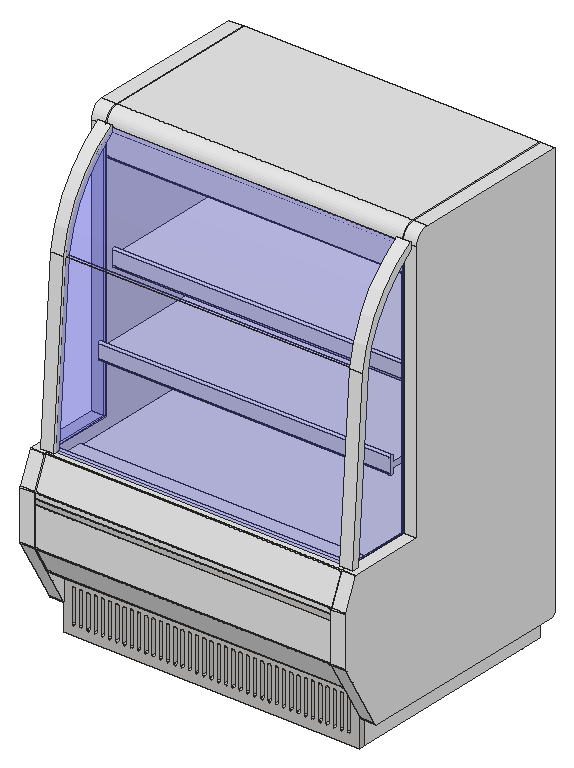
Revit family "qf_turbo_air_tcdd-36H-B_W-N", category Specialty Equipment, Revit 2018
Family settings
  Round Connector Dimension = Use Diameter
  Part Type = Normal
  OmniClass Number = 23.40.40.11.17
  OmniClass Title = Refrigerated Cases
  Work Plane-Based = No
  Always vertical = Yes
  Cut with Voids When Loaded = No
  Shared = No
  Room Calculation Point = No
Parameters (values of type "TCDD36H-W-N")
  Weight in Pounds = 496
  Watts [instance] = 805 W
  Watermarked By = ""
  Warranty Start Date = ""
  Warranty Duration [instance] = "Two years parts & labor, additional 3 years compressor parts warranty."
  Volts = 115 V
  Ventilation Remarks = "Unit is designed to type I specifications and should not be placed near a vent or doorway."
  Vent Material = QF_Stainless-Polished
  URL Recommended Spares List = "http://www.turboairinc.com/index.php/lanotattachments/download/file/id/3401/store/1/tcdd_2.pdf"
  URL Cutsheet = "http://www.turboairinc.com/index.php/lanotattachments/download/file/id/5330/store/1/tcdd-36h-w_b_-n_1.pdf"
  URL Critical Spares List = ""
  URL = "www.turboairinc.com"
  Type Comments = "Automatic condenser coil cleaning system standard"
  Status [instance] = ""
  Specification by User [instance] = ""
  Specification by Manufacturer [instance] = ""
  Service Life Duration = ""
  Serial Number [instance] = ""
  Seismic Rating = ""
  Revision Code [instance] = ""
  Production Year = ""
  Plumbing Remarks = "No drain is required."
  Planning Responsibility = ""
  Planning New/Existing/Lease = ""
  Phase = 1
  Number of Poles [instance] = 1
  NAFEM Spec ID Number [instance] = ""
  Model = "TCDD-36H-W-N"
  Mechanical Remarks = ""
  Masterspec [instance] = ""
  Manufacturer = "Turbo Air"  # constant formula
  Length = 3' - 0 1/2"
  LEED EA Credit = "V4.1 EA credits are based on 50% GHG, 50% utility cost. See WATTS."
  Item Number [instance] = "-"
  Installed By [instance] = ""
  Height = 4' - 2 1/8"
  HP = "1/3"
  Furnished By [instance] = ""
  Foodservice Equipment Identifier = yes
  FL Amps = 7 A
  Exterior Material = QF_Plastic-Opaque-White
  Electrical Remarks [instance] = ""
  Electric Connection Type [instance] = ""
  Elec Conn RI Height [instance] = 0' - 0"
  Elec Conn Connection Height = 0' - 6"
  Description = "Bakery/Deli Case, Open Air"
  Depth = 2' - 6"
  Cycle = 60 Hz
  Conn Plug = "NEMA 5-15P"
  CSI MasterFormat = "11 41 13"
  CE Approved = yes
  Barcode = 0
  BTUH = 0.0 Btu/h
  Asset Identifier = ""
  Assembly Code = "E1090320"
  Apparent Power = if(Phase = 3, Volts * FL Amps * 1.73, Volts * FL Amps)  # 805 VA
Types (3): name | Model | Exterior Material
  (no name) | "TCDD-36H-W-N" | QF_Plastic-Opaque-White
  TCDD-36H-B-N | "TCDD-36H-B-N" | QF_Plastic-Black-Fine Textured
  TCDD36H-W-N | "TCDD-36H-W-N" | QF_Plastic-Opaque-White
Reference planes (in)
  plane 1 "Handle Back": y = -4.25
  plane 2: z = 0
  plane 3 "LEFT": x = -16.56573
  plane 4 "RIGHT": x = 19.93427
  plane 5 "FRONT": y = -34.25
  plane 6 "Bottom": z = 0.3125
  plane 7 "Inside Left": x = -14.94073
  plane 8 "Inside Right": x = 18.30927
  plane 9 "BACK": y = -5
  plane 10 "Panel Lower": z = 19.375
  plane 11 "Inside Bottom": z = 17.25
  plane 12 "TOP": z = 50.125
  plane 13 "Door Left": x = -13.62823
  plane 14 "Door Right": x = 16.99677
  plane 15 "Lower Shelf": z = 26.8125
  plane 16 "Upper Shelf": z = 35.3125
  plane 17 "Door Top": z = 46.5625
  plane 18 "Door Bottom": z = 18.4375
  plane 19 "CENTER LR": x = 1.68427
  plane 20 "Panel Bottom": z = 3.125
  plane 21 "Bottom Front": y = -29.625
Forms (in)
  Extrusion 1, solid, material "QF_Plastic-Opaque-White" <- "Exterior Material"
    sketch origin (-16.56573, 0, 0) x (0, 1, 0) y (0, 0, 1)
      loop
        line (-5, 3.5) -> (-5, 50.125) -> (-22.75, 50.125)
        arc (-22.75, 50.125) -> (-23.81066, 49.68566) -> (-24.25, 48.625) r 1.5
        line (-24.25, 48.625) -> (-24.25, 19.375) -> (-32.77179, 19.375)
        arc (-32.77179, 19.375) -> (-32.8059, 19.36487) -> (-32.82896, 19.33777) r 0.0625
        line (-32.82896, 19.33777) -> (-34.21799, 16.19501)
        arc (-34.21799, 16.19501) -> (-34.24191, 16.12089) -> (-34.25, 16.04342) r 0.375
        line (-34.25, 16.04342) -> (-34.25, 10.5867)
        arc (-34.25, 10.5867) -> (-34.23722, 10.48964) -> (-34.19976, 10.3992) r 0.375
        line (-34.19976, 10.3992) -> (-30.10825, 3.3125)
        arc (-30.10825, 3.3125) -> (-29.97099, 3.17524) -> (-29.78349, 3.125) r 0.375
        line (-29.78349, 3.125) -> (-5.375, 3.125)
        arc (-5.375, 3.125) -> (-5.10983, 3.23483) -> (-5, 3.5) r 0.375
    from 0 to 1.625
  Extrusion 2, solid, material "QF_Plastic-Opaque-White" <- "Exterior Material"
    sketch origin (19.93427, 0, 0) x (0, 1, 0) y (0, 0, 1)
      loop
        line (-5, 3.5) -> (-5, 50.125) -> (-22.75, 50.125)
        arc (-22.75, 50.125) -> (-23.81066, 49.68566) -> (-24.25, 48.625) r 1.5
        line (-24.25, 48.625) -> (-24.25, 19.375) -> (-32.77179, 19.375)
        arc (-32.77179, 19.375) -> (-32.8059, 19.36487) -> (-32.82896, 19.33777) r 0.0625
        line (-32.82896, 19.33777) -> (-34.21799, 16.19501)
        arc (-34.21799, 16.19501) -> (-34.24191, 16.12089) -> (-34.25, 16.04342) r 0.375
        line (-34.25, 16.04342) -> (-34.25, 10.5867)
        arc (-34.25, 10.5867) -> (-34.23722, 10.48964) -> (-34.19976, 10.3992) r 0.375
        line (-34.19976, 10.3992) -> (-30.10825, 3.3125)
        arc (-30.10825, 3.3125) -> (-29.97099, 3.17524) -> (-29.78349, 3.125) r 0.375
        line (-29.78349, 3.125) -> (-5.375, 3.125)
        arc (-5.375, 3.125) -> (-5.10983, 3.23483) -> (-5, 3.5) r 0.375
    from 0 to -1.625
  Extrusion 3, solid, material "QF_Plastic-Opaque-White" <- "Exterior Material"
    sketch origin (-14.94073, 0, 0) x (0, 1, 0) y (0, 0, 1)
      loop
        line (-31.625, 19.375) -> (-30.23314, 38.44929)
        arc (-30.23314, 38.44929) -> (-28.27705, 43.90036) -> (-24.25, 48.0625) r 13.75
        line (-24.25, 48.0625) -> (-24.25, 48.625)
        arc (-24.25, 48.625) -> (-24.24379, 48.76132) -> (-24.22522, 48.89651) r 1.5
        arc (-24.22522, 48.89651) -> (-28.73663, 44.45952) -> (-30.91735, 38.51948) r 14.4375
        line (-30.91735, 38.51948) -> (-32.31433, 19.375) -> (-31.625, 19.375)
    from -0.875 to 0.625
  Extrusion 4, solid, material "QF_Plastic-Opaque-White" <- "Exterior Material"
    sketch origin (18.30927, 0, 0) x (0, 1, 0) y (0, 0, 1)
      loop
        arc (-30.23314, 38.44929) -> (-28.27705, 43.90036) -> (-24.25, 48.0625) r 13.75
        line (-24.25, 48.0625) -> (-24.25, 48.625)
        arc (-24.25, 48.625) -> (-24.24379, 48.76132) -> (-24.22522, 48.89651) r 1.5
        arc (-24.22522, 48.89651) -> (-28.73663, 44.45952) -> (-30.91735, 38.51948) r 14.4375
        line (-30.91735, 38.51948) -> (-32.31433, 19.375) -> (-31.625, 19.375) -> (-30.23314, 38.44929)
    from 0.875 to -0.625
  Extrusion 5, solid, material "QF_Glass-Cast-Clear"
    sketch origin (-14.94073, 0, 0) x (0, 1, 0) y (0, 0, 1)
      loop
        arc (-24.25, 48.0625) -> (-28.27705, 43.90036) -> (-30.23314, 38.44929) r 13.75
        line (-30.23314, 38.44929) -> (-31.625, 19.375) -> (-24.25, 19.375) -> (-24.25, 48.0625)
    from 0 to -0.25
  Extrusion 6, solid, material "QF_Glass-Cast-Clear"
    sketch origin (18.30927, 0, 0) x (0, 1, 0) y (0, 0, 1)
      loop
        arc (-24.25, 48.0625) -> (-28.27705, 43.90036) -> (-30.23314, 38.44929) r 13.75
        line (-30.23314, 38.44929) -> (-31.625, 19.375) -> (-24.25, 19.375) -> (-24.25, 48.0625)
    from 0 to 0.25
  Extrusion 7, solid, material "QF_Plastic-Opaque-White" <- "Exterior Material"
    sketch origin (-14.94073, 0, 0) x (0, 1, 0) y (0, 0, 1)
      loop
        line (-5, 50.125) -> (-22.75, 50.125)
        arc (-22.75, 50.125) -> (-23.81066, 49.68566) -> (-24.25, 48.625) r 1.5
        line (-24.25, 48.625) -> (-24.25, 45.5)
        arc (-24.25, 45.5) -> (-24.1875, 45.4375) -> (-24.125, 45.5) r 0.0625
        line (-24.125, 45.5) -> (-24.125, 48.625)
        arc (-24.125, 48.625) -> (-24.06819, 49.01616) -> (-23.90244, 49.375) r 1.375
        line (-23.90244, 49.375) -> (-7.375, 49.375) -> (-7.375, 46.5625) -> (-5, 46.5625) -> (-5, 50.125)
      loop
        line (-5, 10.4375) -> (-5, 18.4375) -> (-7.375, 18.4375) -> (-7.375, 10.4375) -> (-5, 10.4375)
    from 0 to 33.25
  Extrusion 8, solid, material "QF_Plastic-Opaque-White" <- "Exterior Material"
    sketch origin (0, 0, 0.3125) x (0, 1, 0) y (-1, 0, 0)
      loop
        line (-5, 14.94073) -> (-29.625, 14.94073) -> (-29.625, -18.30927) -> (-5, -18.30927) -> (-5, 14.94073)
      loop
        line (-29.375, 14.69073) -> (-29.375, -18.05927) -> (-5.25, -18.05927) -> (-5.25, 14.69073) -> (-29.375, 14.69073)
    from 0 to 14
  Extrusion 9, solid, material "QF_Plastic-Opaque-White" <- "Exterior Material"
    sketch origin (0, 0, 0.3125) x (0, 1, 0) y (-1, 0, 0)
      loop
        line (-29.375, -18.05927) -> (-5.25, -18.05927) -> (-5.25, 14.69073) -> (-29.375, 14.69073) -> (-29.375, -18.05927)
    from 0 to 0.25
  Extrusion 10, solid, material "QF_Stainless-Polished" <- "Vent Material"
    sketch origin (0, -29.625, 0) x (1, 0, 0) y (0, 0, 1)
      loop
        line (-14.94073, 8.5625) -> (-14.94073, 0.3125) -> (18.30927, 0.3125) -> (18.30927, 8.5625) -> (-14.94073, 8.5625)
    from 0 to 0.5625
  Extrusion 11, void
    sketch origin (0, -29.625, 0) x (1, 0, 0) y (0, 0, 1)
      loop
        arc (-13.94073, 1.5625) -> (-13.75323, 1.375) -> (-13.56573, 1.5625) r 0.1875
        line (-13.56573, 1.5625) -> (-13.56573, 5.125)
        arc (-13.56573, 5.125) -> (-13.75323, 5.3125) -> (-13.94073, 5.125) r 0.1875
        line (-13.94073, 5.125) -> (-13.94073, 1.5625)
      loop
        arc (-13.12823, 1.5625) -> (-12.94073, 1.375) -> (-12.75323, 1.5625) r 0.1875
        line (-12.75323, 1.5625) -> (-12.75323, 5.125)
        arc (-12.75323, 5.125) -> (-12.94073, 5.3125) -> (-13.12823, 5.125) r 0.1875
        line (-13.12823, 5.125) -> (-13.12823, 1.5625)
      loop
        arc (-12.31573, 1.5625) -> (-12.12823, 1.375) -> (-11.94073, 1.5625) r 0.1875
        line (-11.94073, 1.5625) -> (-11.94073, 5.125)
        arc (-11.94073, 5.125) -> (-12.12823, 5.3125) -> (-12.31573, 5.125) r 0.1875
        line (-12.31573, 5.125) -> (-12.31573, 1.5625)
      loop
        arc (-11.50323, 1.5625) -> (-11.31573, 1.375) -> (-11.12823, 1.5625) r 0.1875
        line (-11.12823, 1.5625) -> (-11.12823, 5.125)
        arc (-11.12823, 5.125) -> (-11.31573, 5.3125) -> (-11.50323, 5.125) r 0.1875
        line (-11.50323, 5.125) -> (-11.50323, 1.5625)
      loop
        arc (-10.69073, 1.5625) -> (-10.50323, 1.375) -> (-10.31573, 1.5625) r 0.1875
        line (-10.31573, 1.5625) -> (-10.31573, 5.125)
        arc (-10.31573, 5.125) -> (-10.50323, 5.3125) -> (-10.69073, 5.125) r 0.1875
        line (-10.69073, 5.125) -> (-10.69073, 1.5625)
      loop
        arc (-9.87823, 1.5625) -> (-9.69073, 1.375) -> (-9.50323, 1.5625) r 0.1875
        line (-9.50323, 1.5625) -> (-9.50323, 5.125)
        arc (-9.50323, 5.125) -> (-9.69073, 5.3125) -> (-9.87823, 5.125) r 0.1875
        line (-9.87823, 5.125) -> (-9.87823, 1.5625)
      loop
        arc (-9.06573, 1.5625) -> (-8.87823, 1.375) -> (-8.69073, 1.5625) r 0.1875
        line (-8.69073, 1.5625) -> (-8.69073, 5.125)
        arc (-8.69073, 5.125) -> (-8.87823, 5.3125) -> (-9.06573, 5.125) r 0.1875
        line (-9.06573, 5.125) -> (-9.06573, 1.5625)
      loop
        arc (-8.25323, 1.5625) -> (-8.06573, 1.375) -> (-7.87823, 1.5625) r 0.1875
        line (-7.87823, 1.5625) -> (-7.87823, 5.125)
        arc (-7.87823, 5.125) -> (-8.06573, 5.3125) -> (-8.25323, 5.125) r 0.1875
        line (-8.25323, 5.125) -> (-8.25323, 1.5625)
      loop
        arc (-7.44073, 1.5625) -> (-7.25323, 1.375) -> (-7.06573, 1.5625) r 0.1875
        line (-7.06573, 1.5625) -> (-7.06573, 5.125)
        arc (-7.06573, 5.125) -> (-7.25323, 5.3125) -> (-7.44073, 5.125) r 0.1875
        line (-7.44073, 5.125) -> (-7.44073, 1.5625)
      loop
        arc (-6.62823, 1.5625) -> (-6.44073, 1.375) -> (-6.25323, 1.5625) r 0.1875
        line (-6.25323, 1.5625) -> (-6.25323, 5.125)
        arc (-6.25323, 5.125) -> (-6.44073, 5.3125) -> (-6.62823, 5.125) r 0.1875
        line (-6.62823, 5.125) -> (-6.62823, 1.5625)
      loop
        arc (-5.81573, 1.5625) -> (-5.62823, 1.375) -> (-5.44073, 1.5625) r 0.1875
        line (-5.44073, 1.5625) -> (-5.44073, 5.125)
        arc (-5.44073, 5.125) -> (-5.62823, 5.3125) -> (-5.81573, 5.125) r 0.1875
        line (-5.81573, 5.125) -> (-5.81573, 1.5625)
      loop
        arc (-5.00323, 1.5625) -> (-4.81573, 1.375) -> (-4.62823, 1.5625) r 0.1875
        line (-4.62823, 1.5625) -> (-4.62823, 5.125)
        arc (-4.62823, 5.125) -> (-4.81573, 5.3125) -> (-5.00323, 5.125) r 0.1875
        line (-5.00323, 5.125) -> (-5.00323, 1.5625)
      loop
        arc (-4.19073, 1.5625) -> (-4.00323, 1.375) -> (-3.81573, 1.5625) r 0.1875
        line (-3.81573, 1.5625) -> (-3.81573, 5.125)
        arc (-3.81573, 5.125) -> (-4.00323, 5.3125) -> (-4.19073, 5.125) r 0.1875
        line (-4.19073, 5.125) -> (-4.19073, 1.5625)
      loop
        arc (-3.37823, 1.5625) -> (-3.19073, 1.375) -> (-3.00323, 1.5625) r 0.1875
        line (-3.00323, 1.5625) -> (-3.00323, 5.125)
        arc (-3.00323, 5.125) -> (-3.19073, 5.3125) -> (-3.37823, 5.125) r 0.1875
        line (-3.37823, 5.125) -> (-3.37823, 1.5625)
      loop
        arc (-2.56573, 1.5625) -> (-2.37823, 1.375) -> (-2.19073, 1.5625) r 0.1875
        line (-2.19073, 1.5625) -> (-2.19073, 5.125)
        arc (-2.19073, 5.125) -> (-2.37823, 5.3125) -> (-2.56573, 5.125) r 0.1875
        line (-2.56573, 5.125) -> (-2.56573, 1.5625)
      loop
        arc (-1.75323, 1.5625) -> (-1.56573, 1.375) -> (-1.37823, 1.5625) r 0.1875
        line (-1.37823, 1.5625) -> (-1.37823, 5.125)
        arc (-1.37823, 5.125) -> (-1.56573, 5.3125) -> (-1.75323, 5.125) r 0.1875
        line (-1.75323, 5.125) -> (-1.75323, 1.5625)
      loop
        arc (-0.94073, 1.5625) -> (-0.75323, 1.375) -> (-0.56573, 1.5625) r 0.1875
        line (-0.56573, 1.5625) -> (-0.56573, 5.125)
        arc (-0.56573, 5.125) -> (-0.75323, 5.3125) -> (-0.94073, 5.125) r 0.1875
        line (-0.94073, 5.125) -> (-0.94073, 1.5625)
      loop
        arc (-0.12823, 1.5625) -> (0.05927, 1.375) -> (0.24677, 1.5625) r 0.1875
        line (0.24677, 1.5625) -> (0.24677, 5.125)
        arc (0.24677, 5.125) -> (0.05927, 5.3125) -> (-0.12823, 5.125) r 0.1875
        line (-0.12823, 5.125) -> (-0.12823, 1.5625)
      loop
        arc (0.68427, 1.5625) -> (0.87177, 1.375) -> (1.05927, 1.5625) r 0.1875
        line (1.05927, 1.5625) -> (1.05927, 5.125)
        arc (1.05927, 5.125) -> (0.87177, 5.3125) -> (0.68427, 5.125) r 0.1875
        line (0.68427, 5.125) -> (0.68427, 1.5625)
      loop
        arc (1.49677, 1.5625) -> (1.68427, 1.375) -> (1.87177, 1.5625) r 0.1875
        line (1.87177, 1.5625) -> (1.87177, 5.125)
        arc (1.87177, 5.125) -> (1.68427, 5.3125) -> (1.49677, 5.125) r 0.1875
        line (1.49677, 5.125) -> (1.49677, 1.5625)
      loop
        arc (2.30927, 1.5625) -> (2.49677, 1.375) -> (2.68427, 1.5625) r 0.1875
        line (2.68427, 1.5625) -> (2.68427, 5.125)
        arc (2.68427, 5.125) -> (2.49677, 5.3125) -> (2.30927, 5.125) r 0.1875
        line (2.30927, 5.125) -> (2.30927, 1.5625)
      loop
        arc (3.12177, 1.5625) -> (3.30927, 1.375) -> (3.49677, 1.5625) r 0.1875
        line (3.49677, 1.5625) -> (3.49677, 5.125)
        arc (3.49677, 5.125) -> (3.30927, 5.3125) -> (3.12177, 5.125) r 0.1875
        line (3.12177, 5.125) -> (3.12177, 1.5625)
      loop
        arc (3.93427, 1.5625) -> (4.12177, 1.375) -> (4.30927, 1.5625) r 0.1875
        line (4.30927, 1.5625) -> (4.30927, 5.125)
        arc (4.30927, 5.125) -> (4.12177, 5.3125) -> (3.93427, 5.125) r 0.1875
        line (3.93427, 5.125) -> (3.93427, 1.5625)
      loop
        arc (4.74677, 1.5625) -> (4.93427, 1.375) -> (5.12177, 1.5625) r 0.1875
        line (5.12177, 1.5625) -> (5.12177, 5.125)
        arc (5.12177, 5.125) -> (4.93427, 5.3125) -> (4.74677, 5.125) r 0.1875
        line (4.74677, 5.125) -> (4.74677, 1.5625)
      loop
        arc (5.55927, 1.5625) -> (5.74677, 1.375) -> (5.93427, 1.5625) r 0.1875
        line (5.93427, 1.5625) -> (5.93427, 5.125)
        arc (5.93427, 5.125) -> (5.74677, 5.3125) -> (5.55927, 5.125) r 0.1875
        line (5.55927, 5.125) -> (5.55927, 1.5625)
      loop
        arc (6.37177, 1.5625) -> (6.55927, 1.375) -> (6.74677, 1.5625) r 0.1875
        line (6.74677, 1.5625) -> (6.74677, 5.125)
        arc (6.74677, 5.125) -> (6.55927, 5.3125) -> (6.37177, 5.125) r 0.1875
        line (6.37177, 5.125) -> (6.37177, 1.5625)
      loop
        arc (7.18427, 1.5625) -> (7.37177, 1.375) -> (7.55927, 1.5625) r 0.1875
        line (7.55927, 1.5625) -> (7.55927, 5.125)
        arc (7.55927, 5.125) -> (7.37177, 5.3125) -> (7.18427, 5.125) r 0.1875
        line (7.18427, 5.125) -> (7.18427, 1.5625)
      loop
        arc (7.99677, 1.5625) -> (8.18427, 1.375) -> (8.37177, 1.5625) r 0.1875
        line (8.37177, 1.5625) -> (8.37177, 5.125)
        arc (8.37177, 5.125) -> (8.18427, 5.3125) -> (7.99677, 5.125) r 0.1875
        line (7.99677, 5.125) -> (7.99677, 1.5625)
      loop
        arc (8.80927, 1.5625) -> (8.99677, 1.375) -> (9.18427, 1.5625) r 0.1875
        line (9.18427, 1.5625) -> (9.18427, 5.125)
        arc (9.18427, 5.125) -> (8.99677, 5.3125) -> (8.80927, 5.125) r 0.1875
        line (8.80927, 5.125) -> (8.80927, 1.5625)
      loop
        arc (9.62177, 1.5625) -> (9.80927, 1.375) -> (9.99677, 1.5625) r 0.1875
        line (9.99677, 1.5625) -> (9.99677, 5.125)
        arc (9.99677, 5.125) -> (9.80927, 5.3125) -> (9.62177, 5.125) r 0.1875
        line (9.62177, 5.125) -> (9.62177, 1.5625)
      loop
        arc (10.43427, 1.5625) -> (10.62177, 1.375) -> (10.80927, 1.5625) r 0.1875
        line (10.80927, 1.5625) -> (10.80927, 5.125)
        arc (10.80927, 5.125) -> (10.62177, 5.3125) -> (10.43427, 5.125) r 0.1875
        line (10.43427, 5.125) -> (10.43427, 1.5625)
      loop
        arc (11.24677, 1.5625) -> (11.43427, 1.375) -> (11.62177, 1.5625) r 0.1875
        line (11.62177, 1.5625) -> (11.62177, 5.125)
        arc (11.62177, 5.125) -> (11.43427, 5.3125) -> (11.24677, 5.125) r 0.1875
        line (11.24677, 5.125) -> (11.24677, 1.5625)
      loop
        arc (12.05927, 1.5625) -> (12.24677, 1.375) -> (12.43427, 1.5625) r 0.1875
        line (12.43427, 1.5625) -> (12.43427, 5.125)
        arc (12.43427, 5.125) -> (12.24677, 5.3125) -> (12.05927, 5.125) r 0.1875
        line (12.05927, 5.125) -> (12.05927, 1.5625)
      loop
        arc (12.87177, 1.5625) -> (13.05927, 1.375) -> (13.24677, 1.5625) r 0.1875
        line (13.24677, 1.5625) -> (13.24677, 5.125)
        arc (13.24677, 5.125) -> (13.05927, 5.3125) -> (12.87177, 5.125) r 0.1875
        line (12.87177, 5.125) -> (12.87177, 1.5625)
      loop
        arc (13.68427, 1.5625) -> (13.87177, 1.375) -> (14.05927, 1.5625) r 0.1875
        line (14.05927, 1.5625) -> (14.05927, 5.125)
        arc (14.05927, 5.125) -> (13.87177, 5.3125) -> (13.68427, 5.125) r 0.1875
        line (13.68427, 5.125) -> (13.68427, 1.5625)
      loop
        arc (14.49677, 1.5625) -> (14.68427, 1.375) -> (14.87177, 1.5625) r 0.1875
        line (14.87177, 1.5625) -> (14.87177, 5.125)
        arc (14.87177, 5.125) -> (14.68427, 5.3125) -> (14.49677, 5.125) r 0.1875
        line (14.49677, 5.125) -> (14.49677, 1.5625)
      loop
        arc (15.30927, 1.5625) -> (15.49677, 1.375) -> (15.68427, 1.5625) r 0.1875
        line (15.68427, 1.5625) -> (15.68427, 5.125)
        arc (15.68427, 5.125) -> (15.49677, 5.3125) -> (15.30927, 5.125) r 0.1875
        line (15.30927, 5.125) -> (15.30927, 1.5625)
      loop
        arc (16.12177, 1.5625) -> (16.30927, 1.375) -> (16.49677, 1.5625) r 0.1875
        line (16.49677, 1.5625) -> (16.49677, 5.125)
        arc (16.49677, 5.125) -> (16.30927, 5.3125) -> (16.12177, 5.125) r 0.1875
        line (16.12177, 5.125) -> (16.12177, 1.5625)
      loop
        arc (16.93427, 1.5625) -> (17.12177, 1.375) -> (17.30927, 1.5625) r 0.1875
        line (17.30927, 1.5625) -> (17.30927, 5.125)
        arc (17.30927, 5.125) -> (17.12177, 5.3125) -> (16.93427, 5.125) r 0.1875
        line (16.93427, 5.125) -> (16.93427, 1.5625)
    from -0.25 to 0.5625
  Extrusion 12, solid, material "QF_Plastic-Opaque-White" <- "Exterior Material"
    sketch origin (-14.94073, 0, 0) x (0, 1, 0) y (0, 0, 1)
      loop
        line (-5, 46.5625) -> (-7.375, 46.5625) -> (-7.375, 18.4375) -> (-5, 18.4375) -> (-5, 46.5625)
    from 0 to 1.3125
  Extrusion 13, solid, material "QF_Plastic-Opaque-White" <- "Exterior Material"
    sketch origin (18.30927, 0, 0) x (0, 1, 0) y (0, 0, 1)
      loop
        line (-5, 46.5625) -> (-7.375, 46.5625) -> (-7.375, 18.4375) -> (-5, 18.4375) -> (-5, 46.5625)
    from 0 to -1.3125
  Extrusion 14, solid, material "QF_Glass-Cast-Clear"
    sketch origin (-14.94073, 0, 0) x (0, 1, 0) y (0, 0, 1)
      loop
        line (-31.75033, 19.375) -> (-30.35754, 38.46208)
        arc (-30.35754, 38.46208) -> (-28.36206, 44.00023) -> (-24.25, 48.2126) r 13.875
        line (-24.25, 48.2126) -> (-24.25, 48.625)
        arc (-24.25, 48.625) -> (-24.2499, 48.64236) -> (-24.2496, 48.65971) r 1.5
        arc (-24.2496, 48.65971) -> (-28.61692, 44.29886) -> (-30.73075, 38.50038) r 14.25
        line (-30.73075, 38.50038) -> (-32.12633, 19.375) -> (-31.75033, 19.375)
    from 0.625 to 32.625
  Extrusion 15, solid, material "QF_Plastic-Opaque-White" <- "Exterior Material"
    sketch origin (-14.94073, 0, 0) x (0, 1, 0) y (0, 0, 1)
      loop
        line (-32.77708, 19.30053) -> (-34.17683, 16.13354)
        arc (-34.17683, 16.13354) -> (-34.1848, 16.10883) -> (-34.1875, 16.08301) r 0.125
        line (-34.1875, 16.08301) -> (-34.1875, 15.5469) -> (-33.8125, 15.5469) -> (-33.8125, 16.03022) -> (-32.49992, 19) -> (-31.20917, 19) -> (-31.20917, 19.375) -> (-32.66275, 19.375)
        arc (-32.66275, 19.375) -> (-32.73097, 19.35474) -> (-32.77708, 19.30053) r 0.125
      loop
        line (-33.8125, 14.8594) -> (-34.1875, 14.8594) -> (-34.1875, 10.51789)
        arc (-34.1875, 10.51789) -> (-34.18324, 10.48554) -> (-34.17075, 10.45539) r 0.125
        line (-34.17075, 10.45539) -> (-32.41108, 7.40756)
        arc (-32.41108, 7.40756) -> (-32.36533, 7.3618) -> (-32.30283, 7.34506) r 0.125
        line (-32.30283, 7.34506) -> (-32, 7.34506) -> (-32, 8.84506) -> (-30, 8.84506) -> (-30, 9.22006) -> (-33.02452, 9.22006) -> (-33.8125, 10.58488) -> (-33.8125, 14.8594)
    from 0 to 33.25
  Extrusion 16, solid, material "QF_Stainless-Polished"
    sketch origin (-14.94073, 0, 0) x (0, 1, 0) y (0, 0, 1)
      loop
        line (-34.1875, 15.4844) -> (-34.1875, 14.9219) -> (-33.8125, 14.9219) -> (-33.8125, 15.4844) -> (-34.1875, 15.4844)
    from 0 to 33.25
  Extrusion 17, solid, material "QF_Plastic-Opaque-White"
    sketch origin (-14.94073, 0, 0) x (0, 1, 0) y (0, 0, 1)
      loop
        line (-7.375, 17.25) -> (-28.125, 17.25) -> (-28.125, 18.375) -> (-31.20917, 18.375) -> (-31.20917, 19) -> (-32.49992, 19) -> (-33.8125, 16.03022) -> (-33.8125, 10.58488) -> (-33.02452, 9.22006) -> (-30, 9.22006) -> (-30, 14.3125) -> (-7.375, 14.3125) -> (-7.375, 17.25)
    from 0 to 33.25
  Extrusion 18, solid, material "QF_Plastic-Opaque-White"
    sketch origin (-14.94073, 0, 0) x (0, 1, 0) y (0, 0, 1)
      loop
        line (-7.375, 17.25) -> (-7.375, 49.375) -> (-10.125, 49.375) -> (-10.125, 17.25) -> (-7.375, 17.25)
    from 0 to 1.3125
  Extrusion 19, solid, material "QF_Plastic-Opaque-White"
    sketch origin (18.30927, 0, 0) x (0, 1, 0) y (0, 0, 1)
      loop
        line (-7.375, 17.25) -> (-7.375, 49.375) -> (-10.125, 49.375) -> (-10.125, 17.25) -> (-7.375, 17.25)
    from 0 to -1.3125
  Extrusion 20, solid, material "QF_Plastic-Opaque-White"
    sketch origin (-13.62823, 0, 0) x (0, 1, 0) y (0, 0, 1)
      loop
        line (-10.125, 49.375) -> (-10.125, 46.5625) -> (-7.375, 46.5625) -> (-7.375, 49.375) -> (-10.125, 49.375)
      loop
        line (-10.125, 17.25) -> (-7.375, 17.25) -> (-7.375, 18.4375) -> (-10.125, 18.4375) -> (-10.125, 17.25)
    from 0 to 30.625
  Extrusion 21, solid, material "QF_Plastic-Opaque-White"
    sketch origin (-14.94073, 0, 0) x (0, 1, 0) y (0, 0, 1)
      loop
        line (-10.125, 49.375) -> (-23.90244, 49.375)
        arc (-23.90244, 49.375) -> (-24.06819, 49.01616) -> (-24.125, 48.625) r 1.375
        line (-24.125, 48.625) -> (-24.125, 48.375) -> (-22.625, 48.375) -> (-22.625, 47.375) -> (-10.125, 47.375) -> (-10.125, 49.375)
    from 0 to 33.25
  Extrusion 22, solid, material "QF_Plastic-Opaque-White"
    sketch origin (-14.94073, 0, 0) x (0, 1, 0) y (0, 0, 1)
      loop
        line (-24.25, 45.5) -> (-24.25, 19.375) -> (-31.20917, 19.375) -> (-31.20917, 18.375) -> (-28.125, 18.375) -> (-28.125, 17.25) -> (-28.0625, 17.25) -> (-28.0625, 18.0625) -> (-11.75, 18.0625) -> (-11.75, 17.25) -> (-11.6875, 17.25) -> (-11.6875, 18.0625) -> (-10.1875, 18.0625) -> (-10.1875, 17.25) -> (-10.125, 17.25) -> (-10.125, 47.375) -> (-22.625, 47.375) -> (-22.625, 48.375) -> (-24.125, 48.375) -> (-24.125, 45.5)
        arc (-24.125, 45.5) -> (-24.1875, 45.4375) -> (-24.25, 45.5) r 0.0625
    from 0 to 0.0625
  Extrusion 23, solid, material "QF_Plastic-Opaque-White"
    sketch origin (18.30927, 0, 0) x (0, 1, 0) y (0, 0, 1)
      loop
        line (-24.25, 45.5) -> (-24.25, 19.375) -> (-31.20917, 19.375) -> (-31.20917, 18.375) -> (-28.125, 18.375) -> (-28.125, 17.25) -> (-28.0625, 17.25) -> (-28.0625, 18.0625) -> (-11.75, 18.0625) -> (-11.75, 17.25) -> (-11.6875, 17.25) -> (-11.6875, 18.0625) -> (-10.1875, 18.0625) -> (-10.1875, 17.25) -> (-10.125, 17.25) -> (-10.125, 47.375) -> (-22.625, 47.375) -> (-22.625, 48.375) -> (-24.125, 48.375) -> (-24.125, 45.5)
        arc (-24.125, 45.5) -> (-24.1875, 45.4375) -> (-24.25, 45.5) r 0.0625
    from 0 to -0.0625
  Extrusion 24, solid, material "QF_Plastic-Opaque-White"
    sketch origin (-14.94073, 0, 0) x (0, 1, 0) y (0, 0, 1)
      loop
        line (-10.1875, 17.25) -> (-10.1875, 18.0625) -> (-11.6875, 18.0625) -> (-11.6875, 17.25) -> (-10.1875, 17.25)
      loop
        line (-11.75, 18.0625) -> (-28.0625, 18.0625) -> (-28.0625, 17.25) -> (-11.75, 17.25) -> (-11.75, 18.0625)
    from 0 to 33.25
  Extrusion 25, solid, material "QF_Plastic-Opaque-White"
    sketch origin (-14.94073, 0, 0) x (0, 1, 0) y (0, 0, 1)
      loop
        line (-10.125, 26.8125) -> (-25.25, 26.8125) -> (-25.25, 27.375)
        arc (-25.25, 27.375) -> (-25.4375, 27.5625) -> (-25.625, 27.375) r 0.1875
        line (-25.625, 27.375) -> (-25.625, 25.8125)
        arc (-25.625, 25.8125) -> (-25.4375, 25.625) -> (-25.25, 25.8125) r 0.1875
        line (-25.25, 25.8125) -> (-25.25, 26.1875) -> (-10.125, 26.1875) -> (-10.125, 26.8125)
      loop
        line (-10.125, 35.3125) -> (-23.25, 35.3125) -> (-23.25, 35.875)
        arc (-23.25, 35.875) -> (-23.4375, 36.0625) -> (-23.625, 35.875) r 0.1875
        line (-23.625, 35.875) -> (-23.625, 34.3125)
        arc (-23.625, 34.3125) -> (-23.4375, 34.125) -> (-23.25, 34.3125) r 0.1875
        line (-23.25, 34.3125) -> (-23.25, 34.6875) -> (-10.125, 34.6875) -> (-10.125, 35.3125)
    from 0.25 to 33
  Extrusion 26, solid, material "QF_Plastic-Black-Fine Textured"
    sketch origin (0, -5, 0) x (1, 0, 0) y (0, 0, 1)
      loop
        line (-13.62823, 46.5625) -> (-13.62823, 18.4375) -> (2.18427, 18.4375) -> (2.18427, 46.5625) -> (-13.62823, 46.5625)
      loop
        line (1.18427, 45.5625) -> (-12.62823, 45.5625) -> (-12.62823, 19.4375) -> (1.18427, 19.4375) -> (1.18427, 45.5625)
    from 1.1875 to 2.375
  Extrusion 27, solid, material "QF_Glass-Cast-Clear"
    sketch origin (0, -5, 0) x (1, 0, 0) y (0, 0, 1)
      loop
        line (-12.62823, 45.5625) -> (-12.62823, 19.4375) -> (1.18427, 19.4375) -> (1.18427, 45.5625) -> (-12.62823, 45.5625)
    from 1.4375 to 2.125
  Extrusion 28, solid, material "QF_Plastic-Black-Fine Textured"
    sketch origin (0, -5, 0) x (1, 0, 0) y (0, 0, 1)
      loop
        line (1.18427, 46.5625) -> (1.18427, 18.4375) -> (16.99677, 18.4375) -> (16.99677, 46.5625) -> (1.18427, 46.5625)
      loop
        line (2.18427, 45.5625) -> (2.18427, 19.4375) -> (15.99677, 19.4375) -> (15.99677, 45.5625) -> (2.18427, 45.5625)
    from 0 to 1.1875
  Extrusion 29, solid, material "QF_Glass-Cast-Clear"
    sketch origin (0, -5, 0) x (1, 0, 0) y (0, 0, 1)
      loop
        line (2.18427, 45.5625) -> (2.18427, 19.4375) -> (15.99677, 19.4375) -> (15.99677, 45.5625) -> (2.18427, 45.5625)
    from 0.25 to 0.9375
  Extrusion 30, solid, material "QF_Plastic-Black-Fine Textured"
    sketch origin (16.99677, 0, 1.9375) x (0, 1, 0) y (0, 0, 1)
      loop
        line (-4.25, 25.1875) -> (-4.25, 35.9375) -> (-5, 36.4375) -> (-5, 24.6875) -> (-4.25, 25.1875)
    from -0.75 to -1
  Extrusion 31, solid, material "QF_Plastic-Black-Fine Textured"
    sketch origin (-13.62823, -1.1875, 1.9375) x (0, 1, 0) y (0, 0, 1)
      loop
        line (-4.25, 25.1875) -> (-4.25, 35.9375) -> (-5, 36.4375) -> (-5, 24.6875) -> (-4.25, 25.1875)
    from 0.75 to 1
  Extrusion 32, solid, material "QF_Plastic-Black-Fine Textured"
    sketch origin (0, 0, 0) x (1, 0, 0) y (0, 1, 0)
      loop
        circle (-14.00323, -6.875) r 0.5625
      loop
        circle (-14.00323, -28.0625) r 0.5625
      loop
        circle (17.37177, -6.875) r 0.5625
      loop
        circle (17.37177, -28.0625) r 0.5625
    from 0 to 0.3125
  Extrusion 33, solid, material "QF_Plastic-Opaque-White" <- "Exterior Material"
    sketch origin (0, -5, 0) x (1, 0, 0) y (0, 0, 1)
      loop
        circle (1.68427, 6) r 0.25
    from 0 to -0.0625
Cuts and joins
  Extrusion 11 cuts Extrusion 8
  Extrusion 11 cuts Extrusion 10
Lines and regions (in)
  symbolic lines
    curve 1: line (-16.56573, -5, 0) -> (19.93427, -5, 0)
    curve 2: line (-16.56573, -34.25, 0) -> (-16.56573, -5, 0)
    curve 3: line (19.93427, -34.25, 0) -> (-16.56573, -34.25, 0)
    curve 4: line (19.93427, -5, 0) -> (19.93427, -34.25, 0)
    curve 5: line (-14.94073, -5, 0) -> (-14.94073, -24.22522, 0)
    curve 6: line (-15.81573, -24.22522, 0) -> (-14.31573, -24.22522, 0)
    curve 7: line (-15.81573, -24.22522, 0) -> (-15.81573, -32.31766, 0)
    curve 8: line (-14.31573, -32.31766, 0) -> (-14.31573, -24.22522, 0)
    curve 9: line (-15.81573, -24.30518, 0) -> (-16.56573, -24.30518, 0)
    curve 10: line (-15.81573, -32.31766, 0) -> (-14.31573, -32.31766, 0)
    curve 11: line (-14.94073, -32.31766, 0) -> (-14.94073, -34.25, 0)
    curve 12: line (17.68427, -24.22522, 0) -> (19.18427, -24.22522, 0)
    curve 13: line (17.68427, -24.22522, 0) -> (17.68427, -32.31766, 0)
    curve 14: line (19.18427, -32.31766, 0) -> (19.18427, -24.22522, 0)
    curve 15: line (17.68427, -32.31766, 0) -> (19.18427, -32.31766, 0)
    curve 16: line (18.30927, -32.31766, 0) -> (18.30927, -34.25, 0)
    curve 17: line (18.30927, -24.22522, 0) -> (18.30927, -5, 0)
    curve 18: line (15.99677, -5, 0) -> (15.99677, -4.25, 0)
    curve 19: line (15.99677, -4.25, 0) -> (16.24677, -4.25, 0)
    curve 20: line (16.24677, -4.25, 0) -> (16.24677, -5, 0)
    curve 21: line (19.18427, -24.30518, 0) -> (19.93427, -24.30518, 0)
    curve 22: line (17.68427, -24.30518, 0) -> (-14.31573, -24.30518, 0)
    curve 23: line (-14.31573, -30.73075, 0) -> (17.68427, -30.73075, 0)
    curve 24: line (17.68427, -32.06579, 0) -> (-14.31573, -32.06579, 0)
Dimensions and locks (in)
  "Length": plane 3 "LEFT" to plane 4 "RIGHT"
  "Depth": plane 5 "FRONT" to plane 1 "Handle Back"
  locked: plane 6 "Bottom" to plane 2 at 0.3125
  locked: plane 3 "LEFT" to plane 7 "Inside Left" at 1.625
  locked: plane 8 "Inside Right" to plane 4 "RIGHT" at 1.625
  locked: plane 9 "BACK" to plane 1 "Handle Back" at 0.75
  plane 10 "Panel Lower" to level = 1' - 7 3/8"
  locked: plane 10 "Panel Lower" to plane 11 "Inside Bottom" at 2.125
  "Height": plane 12 "TOP" to level
  locked: plane 7 "Inside Left" to Extrusion 8 sketch curve at 0.25
  locked: Extrusion 8 sketch curve to plane 8 "Inside Right" at 0.25
  locked: Extrusion 8 sketch curve to plane 9 "BACK" at 0.25
  locked: plane 7 "Inside Left" to plane 13 "Door Left" at 1.3125
  locked: plane 14 "Door Right" to plane 8 "Inside Right" at 1.3125
  locked: plane 15 "Lower Shelf" to plane 11 "Inside Bottom" at 9.5625
  locked: plane 16 "Upper Shelf" to plane 15 "Lower Shelf" at 8.5
  locked: plane 8 "Inside Right" to Extrusion 25 at 0.25
  locked: plane 12 "TOP" to plane 17 "Door Top" at 3.5625
  equal spacing: plane 3 "LEFT", plane 19 "CENTER LR", plane 4 "RIGHT"
  locked: Extrusion 26 sketch curve to plane 13 "Door Left" at 1
  locked: plane 17 "Door Top" to Extrusion 26 sketch curve at 1
  Extrusion 26 sketch curve to plane 19 "CENTER LR" to Extrusion 26 sketch curve = 0' - 0 1/2" locked, 0' - 0 1/2" locked
  locked: Extrusion 26 sketch curve to plane 18 "Door Bottom" at 1
  Extrusion 28 sketch curve to plane 19 "CENTER LR" to Extrusion 28 sketch curve = 0' - 0 1/2" locked, 0' - 0 1/2" locked
  locked: plane 17 "Door Top" to Extrusion 28 sketch curve at 1
  locked: Extrusion 28 sketch curve to plane 18 "Door Bottom" at 1
  locked: Extrusion 28 sketch curve to plane 14 "Door Right" at 1
  locked: plane 7 "Inside Left" to Extrusion 32 sketch curve at 0.9375  (x2)
  locked: Extrusion 32 sketch curve to plane 9 "BACK" at 1.875  (x2)
  locked: Extrusion 32 sketch curve to plane 8 "Inside Right" at 0.9375  (x2)
  locked: Extrusion 33 sketch curve to level at 6
  equal spacing: plane 8 "Inside Right", Extrusion 33 sketch curve, plane 7 "Inside Left"
  locked: plane 10 "Panel Lower" to plane 18 "Door Bottom" at 0.9375
  locked: plane 20 "Panel Bottom" to level at 3.125
  locked: plane 5 "FRONT" to plane 21 "Bottom Front" at 4.625
  aligned and locked: level to plane 2
  aligned and locked: plane 7 "Inside Left" to Extrusion 1
  aligned and locked: Extrusion 2 to plane 8 "Inside Right"
  aligned and locked: plane 8 "Inside Right" to Extrusion 7
  aligned and locked: plane 7 "Inside Left" to Extrusion 8 sketch curve
  aligned and locked: Extrusion 8 sketch curve to plane 8 "Inside Right"
  aligned and locked: plane 9 "BACK" to Extrusion 8 sketch curve
  aligned and locked: plane 7 "Inside Left" to Extrusion 10 sketch curve
  aligned and locked: plane 6 "Bottom" to Extrusion 10 sketch curve
  aligned and locked: plane 13 "Door Left" to Extrusion 12
  aligned and locked: Extrusion 13 to plane 14 "Door Right"
  aligned and locked: plane 8 "Inside Right" to Extrusion 15
  aligned and locked: plane 8 "Inside Right" to Extrusion 16
  aligned and locked: plane 8 "Inside Right" to Extrusion 17
  aligned and locked: plane 13 "Door Left" to Extrusion 18
  aligned and locked: Extrusion 19 to plane 14 "Door Right"
  aligned and locked: plane 14 "Door Right" to Extrusion 20
  aligned and locked: plane 8 "Inside Right" to Extrusion 21
  aligned and locked: plane 8 "Inside Right" to Extrusion 24
  aligned and locked: plane 13 "Door Left" to Extrusion 26 sketch curve
  aligned and locked: Extrusion 26 sketch curve to plane 17 "Door Top"
  aligned and locked: plane 18 "Door Bottom" to Extrusion 26 sketch curve
  aligned and locked: Extrusion 27 sketch curve to Extrusion 26  (x4)
  aligned and locked: Extrusion 28 sketch curve to plane 14 "Door Right"
  aligned and locked: Extrusion 28 sketch curve to plane 17 "Door Top"
  aligned and locked: plane 18 "Door Bottom" to Extrusion 28 sketch curve
  aligned and locked: Extrusion 29 sketch curve to Extrusion 28  (x4)
  aligned and locked: plane 3 "LEFT" to curve 2
  aligned and locked: plane 9 "BACK" to curve 1
  aligned and locked: curve 4 to plane 4 "RIGHT"
  aligned and locked: curve 3 to plane 5 "FRONT"
  aligned and locked: curve 5 to Extrusion 7
  aligned and locked: curve 7 to Extrusion 3
  aligned and locked: curve 8 to Extrusion 3
  aligned and locked: curve 13 to Extrusion 4
  aligned and locked: curve 14 to Extrusion 4
  aligned and locked: plane 8 "Inside Right" to cut or joined group of Extrusion 10, Extrusion 11
Automatic sketch dimensions
  Extrusion 7 sketch curve to Extrusion 7 sketch curve = 0' - 0"  (x3)
  Extrusion 7 sketch curve to plane 12 "TOP" = 0' - 0"
  Extrusion 7 sketch curve to plane 17 "Door Top" = 0' - 0"
  Extrusion 7 sketch curve to plane 18 "Door Bottom" = 0' - 0"
  Extrusion 7 sketch curve to plane 9 "BACK" = 0' - 0"  (x2)
  Extrusion 7 sketch curve to Extrusion 7 sketch curve = 0' - 2 3/8"
  Extrusion 7 sketch curve to plane 12 "TOP" = 0' - 0 3/4"
  plane 9 "BACK" to Extrusion 7 sketch curve = 0' - 2 3/8"
  Extrusion 7 sketch curve to Extrusion 7 sketch curve = 0' - 1.15244"
  Extrusion 7 sketch curve to Extrusion 7 sketch curve = 0' - 0.22256"
  Extrusion 7 sketch curve to plane 11 "Inside Bottom" = 0' - 6 13/16"
  Extrusion 7 sketch curve to plane 17 "Door Top" = 0' - 1 1/16"
  plane 9 "BACK" to Extrusion 9 sketch curve = 0' - 0 1/4"
  Extrusion 9 sketch curve to plane 8 "Inside Right" = 0' - 0 1/4"
  plane 7 "Inside Left" to Extrusion 9 sketch curve = 0' - 0 1/4"
  Extrusion 12 sketch curve to plane 17 "Door Top" = 0' - 0"
  Extrusion 12 sketch curve to plane 18 "Door Bottom" = 0' - 0"
  Extrusion 12 sketch curve to plane 9 "BACK" = 0' - 0"
  plane 9 "BACK" to Extrusion 12 sketch curve = 0' - 2 3/8"
  Extrusion 13 sketch curve to plane 17 "Door Top" = 0' - 0"
  Extrusion 13 sketch curve to plane 18 "Door Bottom" = 0' - 0"
  Extrusion 13 sketch curve to plane 9 "BACK" = 0' - 0"
  plane 9 "BACK" to Extrusion 13 sketch curve = 0' - 2 3/8"
  Extrusion 18 sketch curve to plane 11 "Inside Bottom" = 0' - 0"
  plane 9 "BACK" to Extrusion 18 sketch curve = 0' - 5 1/8"
  Extrusion 18 sketch curve to plane 12 "TOP" = 0' - 0 3/4"
  plane 9 "BACK" to Extrusion 18 sketch curve = 0' - 2 3/8"
  Extrusion 19 sketch curve to plane 11 "Inside Bottom" = 0' - 0"
  plane 9 "BACK" to Extrusion 19 sketch curve = 0' - 5 1/8"
  Extrusion 19 sketch curve to plane 12 "TOP" = 0' - 0 3/4"
  plane 9 "BACK" to Extrusion 19 sketch curve = 0' - 2 3/8"
  Extrusion 20 sketch curve to plane 18 "Door Bottom" = 0' - 0"
  Extrusion 20 sketch curve to plane 17 "Door Top" = 0' - 0"
  Extrusion 20 sketch curve to plane 11 "Inside Bottom" = 0' - 0"
  Extrusion 20 sketch curve to plane 12 "TOP" = 0' - 0 3/4"
  plane 9 "BACK" to Extrusion 20 sketch curve = 0' - 5 1/8"  (x2)
  plane 9 "BACK" to Extrusion 20 sketch curve = 0' - 2 3/8"  (x2)
  Extrusion 21 sketch curve to plane 12 "TOP" = 0' - 1 3/4"
  Extrusion 21 sketch curve to Extrusion 21 sketch curve = 0' - 0.22256"
  Extrusion 21 sketch curve to Extrusion 21 sketch curve = 0' - 1.15244"
  Extrusion 21 sketch curve to Extrusion 21 sketch curve = 0' - 0 1/8"
  plane 17 "Door Top" to Extrusion 21 sketch curve = 0' - 0 13/16"
  plane 9 "BACK" to Extrusion 21 sketch curve = 0' - 5 1/8"
  Extrusion 21 sketch curve to Extrusion 21 sketch curve = 0' - 0 1/4"
  Extrusion 22 sketch curve to plane 10 "Panel Lower" = 0' - 0"
  Extrusion 22 sketch curve to plane 11 "Inside Bottom" = 0' - 0"  (x3)
  Extrusion 22 sketch curve to plane 18 "Door Bottom" = 0' - 0 1/16"
  Extrusion 22 sketch curve to Extrusion 22 sketch curve = 0' - 0 1/16"  (x3)
  Extrusion 22 sketch curve to Extrusion 22 sketch curve = 0' - 3 13/16"
  plane 17 "Door Top" to Extrusion 22 sketch curve = 0' - 0 13/16"
  Extrusion 22 sketch curve to Extrusion 22 sketch curve = 0' - 1 1/2"  (x2)
  Extrusion 22 sketch curve to plane 18 "Door Bottom" = 0' - 0 3/8"  (x2)
  plane 9 "BACK" to Extrusion 22 sketch curve = 0' - 6 3/4"
  plane 9 "BACK" to Extrusion 22 sketch curve = 0' - 5 1/8"
  Extrusion 22 sketch curve to plane 17 "Door Top" = 0' - 1 1/16"
  Extrusion 22 sketch curve to plane 12 "TOP" = 0' - 1 3/4"
  Extrusion 23 sketch curve to plane 10 "Panel Lower" = 0' - 0"
  Extrusion 23 sketch curve to plane 11 "Inside Bottom" = 0' - 0"  (x3)
  Extrusion 23 sketch curve to plane 18 "Door Bottom" = 0' - 0 1/16"
  Extrusion 23 sketch curve to Extrusion 23 sketch curve = 0' - 0 1/16"  (x3)
  Extrusion 23 sketch curve to Extrusion 23 sketch curve = 0' - 3 13/16"
  plane 17 "Door Top" to Extrusion 23 sketch curve = 0' - 0 13/16"
  Extrusion 23 sketch curve to Extrusion 23 sketch curve = 0' - 1 1/2"  (x2)
  Extrusion 23 sketch curve to plane 18 "Door Bottom" = 0' - 0 3/8"  (x2)
  plane 9 "BACK" to Extrusion 23 sketch curve = 0' - 6 3/4"
  plane 9 "BACK" to Extrusion 23 sketch curve = 0' - 5 1/8"
  Extrusion 23 sketch curve to plane 17 "Door Top" = 0' - 1 1/16"
  Extrusion 23 sketch curve to plane 12 "TOP" = 0' - 1 3/4"
  Extrusion 24 sketch curve to plane 11 "Inside Bottom" = 0' - 0"  (x2)
  Extrusion 24 sketch curve to plane 18 "Door Bottom" = 0' - 0 3/8"  (x2)
  plane 9 "BACK" to Extrusion 24 sketch curve = 0' - 6 3/4"
  Extrusion 24 sketch curve to Extrusion 24 sketch curve = 0' - 0 1/16"
  Extrusion 24 sketch curve to Extrusion 24 sketch curve = 0' - 1 1/2"
  Extrusion 25 sketch curve to plane 15 "Lower Shelf" = 0' - 0"
  Extrusion 25 sketch curve to plane 16 "Upper Shelf" = 0' - 0"
  Extrusion 25 sketch curve to plane 15 "Lower Shelf" = 0' - 1"
  Extrusion 25 sketch curve to Extrusion 25 sketch curve = 0' - 0 3/16"  (x4)
  Extrusion 25 sketch curve to plane 16 "Upper Shelf" = 0' - 1"
  plane 9 "BACK" to Extrusion 25 sketch curve = 0' - 5 1/8"  (x2)
  Extrusion 25 sketch curve to plane 15 "Lower Shelf" = 0' - 0 5/8"
  plane 15 "Lower Shelf" to Extrusion 25 sketch curve = 0' - 0 9/16"
  Extrusion 25 sketch curve to Extrusion 25 sketch curve = 0' - 0 5/8"
  plane 16 "Upper Shelf" to Extrusion 25 sketch curve = 0' - 0 9/16"
  Extrusion 30 sketch curve to plane 9 "BACK" = 0' - 0"
  Extrusion 30 sketch curve to plane 1 "Handle Back" = 0' - 0"
  Extrusion 30 sketch curve to plane 15 "Lower Shelf" = 0' - 0 3/16"
  Extrusion 30 sketch curve to Extrusion 30 sketch curve = 0' - 0 1/2"  (x2)
  plane 16 "Upper Shelf" to Extrusion 30 sketch curve = 0' - 2 9/16"
  plane 9 "BACK" to Extrusion 31 sketch curve = 0' - 1 3/16"
  plane 1 "Handle Back" to Extrusion 31 sketch curve = 0' - 1 3/16"
  Extrusion 31 sketch curve to plane 15 "Lower Shelf" = 0' - 0 3/16"
  Extrusion 31 sketch curve to Extrusion 31 sketch curve = 0' - 0 1/2"  (x2)
  plane 16 "Upper Shelf" to Extrusion 31 sketch curve = 0' - 2 9/16"
  Extrusion 3 sketch curve to Extrusion 3 sketch curve = 0' - 0"  (x2)
  Extrusion 3 sketch curve to plane 10 "Panel Lower" = 0' - 0"
  Extrusion 3 sketch curve to plane 12 "TOP" = 0' - 1 1/2"
  Extrusion 3 sketch curve to Extrusion 3 sketch curve = 0' - 1 1/2"
  plane 16 "Upper Shelf" to Extrusion 3 sketch curve = 0' - 1.32232"
  plane 9 "BACK" to Extrusion 3 sketch curve = 0' - 11.60339"
  plane 16 "Upper Shelf" to Extrusion 3 sketch curve = 0' - 3.13679"
  Extrusion 3 sketch curve to Extrusion 3 sketch curve = 0' - 0.07019"
  Extrusion 3 sketch curve to Extrusion 3 sketch curve = 0' - 0.68933"
  Extrusion 4 sketch curve to Extrusion 4 sketch curve = 0' - 0"  (x2)
  Extrusion 4 sketch curve to plane 10 "Panel Lower" = 0' - 0"
  Extrusion 4 sketch curve to plane 12 "TOP" = 0' - 1 1/2"
  Extrusion 4 sketch curve to Extrusion 4 sketch curve = 0' - 1 1/2"
  plane 16 "Upper Shelf" to Extrusion 4 sketch curve = 0' - 1.32232"
  plane 9 "BACK" to Extrusion 4 sketch curve = 0' - 11.60339"
  plane 16 "Upper Shelf" to Extrusion 4 sketch curve = 0' - 3.13679"
  Extrusion 4 sketch curve to Extrusion 4 sketch curve = 0' - 0.07019"
  Extrusion 4 sketch curve to Extrusion 4 sketch curve = 0' - 0.68933"
  Extrusion 14 sketch curve to Extrusion 14 sketch curve = 0' - 0"  (x2)
  plane 17 "Door Top" to Extrusion 14 sketch curve = 0' - 1.6501"
  Extrusion 14 sketch curve to Extrusion 14 sketch curve = 0' - 1 1/2"
  plane 16 "Upper Shelf" to Extrusion 14 sketch curve = 0' - 1.32232"
  plane 1 "Handle Back" to Extrusion 14 sketch curve = 1' - 0.35339"
  Extrusion 14 sketch curve to Extrusion 14 sketch curve = 0' - 0.0383"
  Extrusion 14 sketch curve to Extrusion 14 sketch curve = 0' - 0.4124"
  plane 10 "Panel Lower" to Extrusion 14 sketch curve = 0' - 0"
  Extrusion 14 sketch curve to Extrusion 14 sketch curve = 0' - 0.376"
  Extrusion 5 sketch curve to plane 10 "Panel Lower" = 0' - 0"
  plane 16 "Upper Shelf" to Extrusion 5 sketch curve = 0' - 1.32232"
  plane 16 "Upper Shelf" to Extrusion 5 sketch curve = 0' - 3.13679"
  plane 17 "Door Top" to Extrusion 5 sketch curve = 0' - 1 1/2"
  Extrusion 6 sketch curve to plane 10 "Panel Lower" = 0' - 0"
  plane 16 "Upper Shelf" to Extrusion 6 sketch curve = 0' - 1.32232"
  plane 16 "Upper Shelf" to Extrusion 6 sketch curve = 0' - 3.13679"
  plane 17 "Door Top" to Extrusion 6 sketch curve = 0' - 1 1/2"
  Extrusion 1 sketch curve to plane 5 "FRONT" = 0' - 0"
  Extrusion 1 sketch curve to plane 10 "Panel Lower" = 0' - 0"
  Extrusion 1 sketch curve to plane 20 "Panel Bottom" = 0' - 0"
  Extrusion 1 sketch curve to plane 12 "TOP" = 0' - 0"
  Extrusion 1 sketch curve to plane 9 "BACK" = 0' - 0"
  Extrusion 1 sketch curve to plane 5 "FRONT" = 0' - 0.03201"
  Extrusion 1 sketch curve to plane 5 "FRONT" = 0' - 0.05024"
  Extrusion 1 sketch curve to Extrusion 1 sketch curve = 0' - 0.32476"
  Extrusion 1 sketch curve to plane 10 "Panel Lower" = 0' - 0.03723"
  Extrusion 1 sketch curve to plane 5 "FRONT" = 0' - 1.42104"
  Extrusion 1 sketch curve to plane 10 "Panel Lower" = 0' - 0 1/16"
  Extrusion 1 sketch curve to plane 12 "TOP" = 0' - 1 1/2"
  plane 9 "BACK" to Extrusion 1 sketch curve = 0' - 0 3/8"
  plane 20 "Panel Bottom" to Extrusion 1 sketch curve = 0' - 0 3/16"
  Extrusion 1 sketch curve to plane 11 "Inside Bottom" = 0' - 1.20658"
  Extrusion 1 sketch curve to Extrusion 1 sketch curve = 0' - 0.1516"
  Extrusion 1 sketch curve to Extrusion 1 sketch curve = 0' - 5.64422"
  Extrusion 2 sketch curve to plane 5 "FRONT" = 0' - 0"
  Extrusion 2 sketch curve to plane 10 "Panel Lower" = 0' - 0"
  Extrusion 2 sketch curve to plane 20 "Panel Bottom" = 0' - 0"
  Extrusion 2 sketch curve to plane 12 "TOP" = 0' - 0"
  Extrusion 2 sketch curve to plane 9 "BACK" = 0' - 0"
  Extrusion 2 sketch curve to plane 5 "FRONT" = 0' - 0.03201"
  Extrusion 2 sketch curve to plane 5 "FRONT" = 0' - 0.05024"
  Extrusion 2 sketch curve to Extrusion 2 sketch curve = 0' - 0.34299"
  Extrusion 2 sketch curve to Extrusion 2 sketch curve = 0' - 0.32476"  (x2)
  Extrusion 2 sketch curve to plane 10 "Panel Lower" = 0' - 0.03723"
  Extrusion 2 sketch curve to plane 5 "FRONT" = 0' - 1.42104"
  Extrusion 2 sketch curve to Extrusion 2 sketch curve = 0' - 0.05717"
  Extrusion 2 sketch curve to plane 12 "TOP" = 0' - 1 1/2"
  plane 9 "BACK" to Extrusion 2 sketch curve = 0' - 0 3/8"
  plane 20 "Panel Bottom" to Extrusion 2 sketch curve = 0' - 0 3/16"
  Extrusion 2 sketch curve to plane 11 "Inside Bottom" = 0' - 6.8508"
  Extrusion 2 sketch curve to plane 11 "Inside Bottom" = 0' - 1.20658"
  Extrusion 15 sketch curve to plane 10 "Panel Lower" = 0' - 0"
  Extrusion 15 sketch curve to Extrusion 15 sketch curve = 0' - 2"
  Extrusion 15 sketch curve to Extrusion 15 sketch curve = 0' - 0.30283"
  Extrusion 15 sketch curve to Extrusion 15 sketch curve = 0' - 0.10825"
  Extrusion 15 sketch curve to plane 10 "Panel Lower" = 0' - 0 3/8"
  Extrusion 15 sketch curve to Extrusion 15 sketch curve = 0' - 1.29074"
  Extrusion 15 sketch curve to Extrusion 15 sketch curve = 0' - 0.16283"
  Extrusion 15 sketch curve to plane 10 "Panel Lower" = 0' - 0.07447"
  Extrusion 15 sketch curve to Extrusion 15 sketch curve = 0' - 0.11433"
  Extrusion 15 sketch curve to Extrusion 15 sketch curve = 0' - 1.02452"
  Extrusion 15 sketch curve to plane 5 "FRONT" = 0' - 0 7/16"  (x2)
  Extrusion 15 sketch curve to plane 5 "FRONT" = 0' - 0 3/16"
  Extrusion 15 sketch curve to plane 5 "FRONT" = 0' - 0.07925"
  Extrusion 15 sketch curve to plane 5 "FRONT" = 0' - 0.07317"
  Extrusion 15 sketch curve to plane 5 "FRONT" = 0' - 0 1/16"  (x2)
  Extrusion 15 sketch curve to plane 11 "Inside Bottom" = 0' - 1.11646"
  Extrusion 15 sketch curve to Extrusion 15 sketch curve = 0' - 0.05053"
  Extrusion 15 sketch curve to Extrusion 15 sketch curve = 0' - 0.05278"
  Extrusion 15 sketch curve to Extrusion 15 sketch curve = 0' - 0.48332"
  Extrusion 15 sketch curve to Extrusion 15 sketch curve = 0' - 0 11/16"
  Extrusion 15 sketch curve to Extrusion 15 sketch curve = 0' - 4.27452"
  Extrusion 15 sketch curve to Extrusion 15 sketch curve = 0' - 0.06699"
  Extrusion 15 sketch curve to Extrusion 15 sketch curve = 0' - 1.36482"
  Extrusion 15 sketch curve to Extrusion 15 sketch curve = 0' - 0 3/8"
  Extrusion 15 sketch curve to Extrusion 15 sketch curve = 0' - 1 3/8"
  Extrusion 15 sketch curve to Extrusion 15 sketch curve = 0' - 0 1/16"
  Extrusion 16 sketch curve to plane 5 "FRONT" = 0' - 0 1/16"
  Extrusion 16 sketch curve to Extrusion 16 sketch curve = 0' - 0 3/8"
  Extrusion 16 sketch curve to plane 11 "Inside Bottom" = 0' - 2.3281"
  Extrusion 16 sketch curve to Extrusion 16 sketch curve = 0' - 0 9/16"
  Extrusion 17 sketch curve to plane 11 "Inside Bottom" = 0' - 0"
  Extrusion 17 sketch curve to plane 10 "Panel Lower" = 0' - 0 3/8"
  Extrusion 17 sketch curve to Extrusion 17 sketch curve = 0' - 1.29074"
  Extrusion 17 sketch curve to plane 5 "FRONT" = 0' - 1.22548"
  Extrusion 17 sketch curve to plane 5 "FRONT" = 0' - 0 7/16"
  Extrusion 17 sketch curve to plane 18 "Door Bottom" = 0' - 0 1/16"
  plane 9 "BACK" to Extrusion 17 sketch curve = 0' - 2 3/8"
  Extrusion 17 sketch curve to plane 11 "Inside Bottom" = 0' - 1.21978"
  Extrusion 17 sketch curve to plane 11 "Inside Bottom" = 0' - 2 15/16"
  Extrusion 17 sketch curve to Extrusion 17 sketch curve = 0' - 3.72762"
  Extrusion 17 sketch curve to Extrusion 17 sketch curve = 0' - 1.36482"
  Extrusion 1 sketch curve to plane 5 "FRONT" = 0' - 4.14175"
  plane 20 "Panel Bottom" to Extrusion 1 sketch curve = 0' - 0 3/8"
  Extrusion 1 sketch curve to Extrusion 1 sketch curve = 0' - 8.52179"
  Extrusion 2 sketch curve to plane 5 "FRONT" = 0' - 4.14175"
  Extrusion 2 sketch curve to Extrusion 2 sketch curve = 0' - 8.52179"
  Extrusion 3 sketch curve to plane 5 "FRONT" = 0' - 11 1/2"
  Extrusion 3 sketch curve to plane 5 "FRONT" = 0' - 4.01686"
  Extrusion 3 sketch curve to Extrusion 3 sketch curve = 0' - 0.68421"
  Extrusion 3 sketch curve to plane 5 "FRONT" = 0' - 2 5/8"
  Extrusion 4 sketch curve to plane 5 "FRONT" = 0' - 11 1/2"
  Extrusion 4 sketch curve to plane 5 "FRONT" = 0' - 4.01686"
  Extrusion 4 sketch curve to Extrusion 4 sketch curve = 0' - 0.68421"
  Extrusion 4 sketch curve to plane 5 "FRONT" = 0' - 2 5/8"
  Extrusion 5 sketch curve to plane 5 "FRONT" = 0' - 2 5/8"
  Extrusion 5 sketch curve to plane 5 "FRONT" = 0' - 4.01686"
  Extrusion 5 sketch curve to Extrusion 5 sketch curve = 0' - 5.98314"
  Extrusion 6 sketch curve to plane 5 "FRONT" = 0' - 2 5/8"
  Extrusion 6 sketch curve to plane 5 "FRONT" = 0' - 4.01686"
  Extrusion 6 sketch curve to Extrusion 6 sketch curve = 0' - 5.98314"
  Extrusion 7 sketch curve to plane 5 "FRONT" = 0' - 11 1/2"
  Extrusion 8 sketch curve to plane 5 "FRONT" = 0' - 4 7/8"
  Extrusion 8 sketch curve to Extrusion 8 sketch curve = 0' - 0 1/4"
  Extrusion 9 sketch curve to plane 5 "FRONT" = 0' - 4 7/8"
  Extrusion 14 sketch curve to plane 5 "FRONT" = 0' - 11 1/2"
  plane 16 "Upper Shelf" to Extrusion 14 sketch curve = 0' - 3.14958"
  Extrusion 14 sketch curve to Extrusion 14 sketch curve = 0' - 0.3732"
  Extrusion 14 sketch curve to plane 5 "FRONT" = 0' - 2.49967"
  Extrusion 15 sketch curve to plane 5 "FRONT" = 0' - 1.22548"
  Extrusion 15 sketch curve to plane 5 "FRONT" = 0' - 1.47292"
  Extrusion 17 sketch curve to plane 5 "FRONT" = 0' - 1.75008"
  Extrusion 17 sketch curve to Extrusion 17 sketch curve = 0' - 3.02452"
  Extrusion 17 sketch curve to Extrusion 17 sketch curve = 0' - 3.08417"
  Extrusion 21 sketch curve to plane 5 "FRONT" = 0' - 11 5/8"
  Extrusion 22 sketch curve to plane 5 "FRONT" = 0' - 11 5/8"
  Extrusion 22 sketch curve to plane 5 "FRONT" = 0' - 3.04083"
  Extrusion 23 sketch curve to plane 5 "FRONT" = 0' - 11 5/8"
  Extrusion 23 sketch curve to plane 5 "FRONT" = 0' - 3.04083"
  Extrusion 24 sketch curve to plane 5 "FRONT" = 0' - 6 3/16"
  Extrusion 25 sketch curve to plane 5 "FRONT" = 0' - 11"
  Extrusion 25 sketch curve to Extrusion 25 sketch curve = 0' - 1 5/8"
  Extrusion 32 sketch curve to plane 5 "FRONT" = 0' - 6 3/16"  (x2)
  Extrusion 10 sketch curve to plane 8 "Inside Right" = 0' - 0"
  plane 20 "Panel Bottom" to Extrusion 10 sketch curve = 0' - 5 7/16"
  Extrusion 11 sketch curve to plane 19 "CENTER LR" = 0' - 0"
  Extrusion 11 sketch curve to plane 19 "CENTER LR" = 0' - 0 3/16"
  Extrusion 11 sketch curve to Extrusion 11 sketch curve = 0' - 0 7/16"  (x36)
  Extrusion 11 sketch curve to Extrusion 11 sketch curve = 0' - 0 3/16"  (x36)
  plane 13 "Door Left" to Extrusion 11 sketch curve = 0' - 0 1/16"
  Extrusion 11 sketch curve to plane 13 "Door Left" = 0' - 0 1/8"
  Extrusion 11 sketch curve to plane 14 "Door Right" = 0' - 0 1/16"
  plane 14 "Door Right" to Extrusion 11 sketch curve = 0' - 0 1/8"
  plane 6 "Bottom" to Extrusion 11 sketch curve = 0' - 1 1/4"  (x2)
  Extrusion 11 sketch curve to Extrusion 11 sketch curve = 0' - 0"  (x75)
  plane 20 "Panel Bottom" to Extrusion 11 sketch curve = 0' - 2"
  curve 11 to plane 7 "Inside Left" = 0' - 0"
  plane 1 "Handle Back" to curve 19 = 0' - 0"
  curve 17 to plane 8 "Inside Right" = 0' - 0"
  curve 16 to plane 8 "Inside Right" = 0' - 0"
  curve 19 to plane 14 "Door Right" = 0' - 1"
  curve 18 to curve 19 = 0' - 0 1/4"
  curve 15 to plane 5 "FRONT" = 0' - 1.93234"
  curve 10 to plane 5 "FRONT" = 0' - 1.93234"
  curve 6 to plane 21 "Bottom Front" = 0' - 5.39978"
  curve 13 to plane 21 "Bottom Front" = 0' - 5.39978"
  curve 13 to curve 24 = 0' - 0.25188"
  plane 21 "Bottom Front" to curve 23 = 0' - 1.10575"
  curve 22 to curve 12 = 0' - 0.07996"
  curve 21 to curve 12 = 0' - 0.07996"
  curve 9 to curve 6 = 0' - 0.07996"
  radius of Extrusion 32 sketch curve = 0' - 0 9/16"  (x4)
  radius of Extrusion 33 sketch curve = 0' - 0 1/4"
Connectors (in)
  electrical at (1.68427, -4.9375, 6), driven by "Number of Poles", driven by "Volts", driven by "Apparent Power", driven by "Conn Plug"
    settings: on Extrusion 33, index 1, voltage 115 V, apparent load 805 VA, apparent load phase1 0 VA, apparent load phase2 0 VA, apparent load phase3 0 VA, power factor 1, load classification "Other", number of poles 1, system type 30, power factor state 1, is connector primary yes, connector utility no, sub classification motor no, connector description "NEMA 5-15P"
